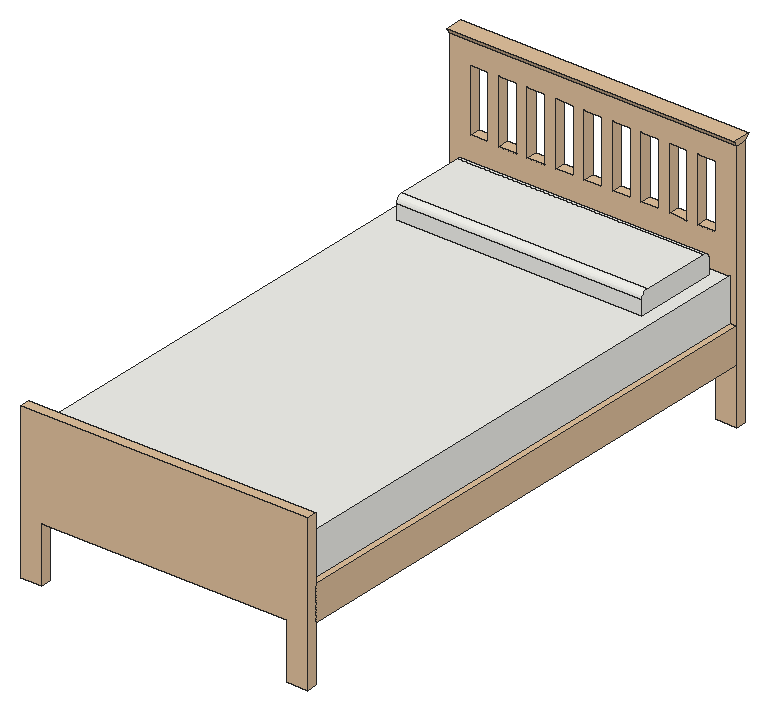
Revit family
Parameters (values of type "1040 x 1981mm - Twin")
  Material Frame = Wood - Birch
  Length = 1981.20 mm
  Material Mattress = Textile - White
  Width = 1041.40 mm
  Keynote = "N"
  Assembly Code = ""
Types (4, lengths in mm): name | Length | Width
  1422 x 1981mm - Double | 1981.20 | 1422.40
  1040 x 1981mm - Twin | 1981.20 | 1041.40
  1575 x 2108mm - Queen | 2108.20 | 1574.80
  1981 x 2108mm - King | 2108.20 | 1981.20
Reference planes
  plane 1 "Back": y = 0
  plane 2: z = 0
  plane 3 "Center (Left/Right)": x = -19.05
  plane 4: x = -539.75
  plane 5: x = 501.65
  plane 6 "Front": y = -1981.2
  plane 7: z = 914.4
  plane 8: z = 482.6
  plane 9: x = 463.55
Forms (mm)
  Extrusion 1, solid, material "Wood - Birch" <- "Material Frame"
    sketch origin (0, 0, 0) x (1, 0, 0) y (0, 0, 1)
      loop
        line (-539.537, 914.4) -> (-539.537, 0) -> (-463.55, 0) -> (-463.55, 203.2) -> (425.45, 203.2) -> (425.45, 0) -> (501.917, 0) -> (501.917, 914.4) -> (-539.537, 914.4)
      loop
        line (-463.55, 838.2) -> (-463.55, 609.6) -> (-398.639, 609.6) -> (-398.639, 838.2) -> (-463.55, 838.2)
      loop
        line (-360.539, 838.2) -> (-360.539, 609.6) -> (-295.628, 609.6) -> (-295.628, 838.2) -> (-360.539, 838.2)
      loop
        line (-257.528, 838.2) -> (-257.528, 609.6) -> (-192.617, 609.6) -> (-192.617, 838.2) -> (-257.528, 838.2)
      loop
        line (-154.517, 838.2) -> (-154.517, 609.6) -> (-89.606, 609.6) -> (-89.606, 838.2) -> (-154.517, 838.2)
      loop
        line (51.506, 838.2) -> (51.506, 609.6) -> (116.417, 609.6) -> (116.417, 838.2) -> (51.506, 838.2)
      loop
        line (154.517, 838.2) -> (154.517, 609.6) -> (219.428, 609.6) -> (219.428, 838.2) -> (154.517, 838.2)
      loop
        line (257.528, 838.2) -> (257.528, 609.6) -> (322.439, 609.6) -> (322.439, 838.2) -> (257.528, 838.2)
      loop
        line (360.539, 838.2) -> (360.539, 609.6) -> (425.45, 609.6) -> (425.45, 838.2) -> (360.539, 838.2)
      loop
        line (-51.506, 838.2) -> (-51.506, 609.6) -> (13.406, 609.6) -> (13.406, 838.2) -> (-51.506, 838.2)
    from 0 to 38.1
  Extrusion 2, solid, material "Wood - Birch" <- "Material Frame"
    sketch origin (0, -1981.2, 0) x (1, 0, 0) y (0, 0, 1)
      loop
        line (-539.75, 0) -> (-463.55, 0) -> (-463.55, 203.2) -> (425.45, 203.2) -> (425.45, 0) -> (501.65, 0) -> (501.65, 558.8) -> (-539.75, 558.8) -> (-539.75, 0)
    from 0 to -38.1
  Extrusion 3, solid, material "Wood - Birch" <- "Material Frame"
    sketch origin (0, 0, 0) x (0, -1, 0) y (0, 0, 1)
      loop
        line (38.1, 203.576) -> (1943.1, 203.576) -> (1943.1, 330.576) -> (38.1, 330.576) -> (38.1, 203.576)
    from 514.35 to 539.75
  Extrusion 4, solid, material "Wood - Birch" <- "Material Frame"
    sketch origin (501.65, 0, 0) x (0, -1, 0) y (0, 0, 1)
      loop
        line (1943.1, 203.099) -> (1943.1, 330.099) -> (38.1, 330.099) -> (38.1, 203.099) -> (1943.1, 203.099)
    from 0 to 25.4
  Extrusion 5, solid, material "Textile - White" <- "Material Mattress"
    sketch origin (0, 0, 0) x (1, 0, 0) y (0, 1, 0)
      loop
        line (-514.35, -38.1) -> (-514.35, -1943.1) -> (476.25, -1943.1) -> (476.25, -38.1) -> (-514.35, -38.1)
    from 228.6 to 482.6
  Extrusion 6, solid, material "Textile - White" <- "Material Mattress"
    sketch origin (-539.75, 0, 0) x (0, -1, 0) y (0, 0, 1)
      loop
        line (68.449, 482.6) -> (373.249, 482.6) -> (373.249, 533.4)
        arc (373.249, 533.4) -> (365.809, 551.361) -> (347.849, 558.8) r 25.4
        line (347.849, 558.8) -> (93.849, 558.8)
        arc (93.849, 558.8) -> (75.888, 551.361) -> (68.449, 533.4) r 25.4
        line (68.449, 533.4) -> (68.449, 482.6)
    from -965.2 to -76.2
  Sweep 7, solid, material "Wood - Birch" <- "Material Frame"
    path origin (0, 0, 0) x (1, 0, 0) y (0, 1, 0)
      loop
        line (-539.537, 0) -> (501.917, 0)
    profile origin (-18.81, 0, 0) x (0, 1, 0) y (0, 0, 1)
      loop
        line (0, 914.4) -> (13.855, 933.45) -> (-51.955, 933.45) -> (-38.1, 914.4) -> (0, 914.4)
Lines and regions (mm)
  Masking region 1
    outline origin (0, 0, 0) x (1, 0, 0) y (0, 1, 0)
      loop
        line (-539.537, 13.855) -> (-539.537, -1981.2) -> (501.65, -1981.2) -> (501.65, 13.855) -> (-539.537, 13.855)
  symbolic lines
    curve 1: line (501.65, -1981.2, 0) -> (-539.537, -1981.2, 0)
    curve 2: line (501.65, 0, 0) -> (501.65, -1981.2, 0)
    curve 3: line (-539.537, 0, 0) -> (501.65, 0, 0)
    curve 4: line (-539.537, -1981.2, 0) -> (-539.537, 0, 0)
    curve 5: line (501.65, -1943.1, 0) -> (-539.537, -1943.1, 0)
    curve 6: line (501.65, -51.955, 0) -> (-539.537, -51.955, 0)
    curve 7: line (425.45, -373.249, 0) -> (-463.55, -373.249, 0)
    curve 8: line (425.45, -68.449, 0) -> (425.45, -373.249, 0)
    curve 9: line (-463.55, -68.449, 0) -> (425.45, -68.449, 0)
    curve 10: line (-463.55, -373.249, 0) -> (-463.55, -68.449, 0)
Dimensions and locks
  equal spacing: plane 4, plane 3 "Center (Left/Right)", plane 5
  "Width": plane 4 to plane 5
  "Length": plane 6 "Front" to plane 1 "Back"
  locked: Extrusion 1 sketch curve to Extrusion 1 sketch curve at 75.987
  locked: Extrusion 1 sketch curve to Extrusion 1 sketch curve at 38.1  (x8)
  plane 2 to plane 7 = 914.40 mm
  Extrusion 1 to plane 1 "Back" = 38.10 mm
  locked: Extrusion 3 to plane 4 at 25.4  (x2)
  locked: plane 6 "Front" to Extrusion 3 sketch curve at 38.1
  locked: Extrusion 3 sketch curve to plane 1 "Back" at 38.1
  locked: plane 6 "Front" to Extrusion 4 sketch curve at 38.1
  locked: Extrusion 4 sketch curve to plane 1 "Back" at 38.1
  locked: Extrusion 4 to Extrusion 4 at 25.4
  locked: Extrusion 4 to plane 5 at 25.4
  locked: Extrusion 5 sketch curve to Extrusion 1 at 38.1
  locked: plane 6 "Front" to Extrusion 5 sketch curve at 38.1
  equal spacing: Extrusion 1 sketch curve, plane 3 "Center (Left/Right)", Extrusion 1 sketch curve
  equal spacing: plane 9, Extrusion 1 sketch curve, Extrusion 1 sketch curve, Extrusion 1 sketch curve, Extrusion 1 sketch curve, Extrusion 1 sketch curve, Extrusion 1 sketch curve, Extrusion 1 sketch curve, Extrusion 1 sketch curve, Extrusion 1 sketch curve
  locked: plane 9 to plane 5 at 38.1
  locked: plane 5 to Extrusion 1 sketch curve at 76.2
  aligned and locked: plane 7 to Extrusion 1 sketch curve
  aligned and locked: plane 4 to Extrusion 2 sketch curve
  aligned and locked: Extrusion 2 sketch curve to plane 5
  aligned and locked: plane 4 to Extrusion 3
  aligned and locked: Extrusion 1 to Extrusion 6
  aligned and locked: Extrusion 6 to Extrusion 1
  aligned and locked: Sweep 7 sketch curve to Extrusion 1  (x3)
  aligned and locked: Sweep 7 to Masking region 1 sketch curve
  aligned and locked: Masking region 1 sketch curve to Sweep 7
  aligned and locked: Masking region 1 sketch curve to Extrusion 2
  aligned and locked: Masking region 1 sketch curve to curve 2
Automatic sketch dimensions
  Extrusion 1 sketch curve to level = 0.00 mm  (x2)
  Extrusion 1 sketch curve to plane 4 = 76.20 mm
  plane 5 to Extrusion 1 sketch curve = 76.20 mm
  level to Extrusion 1 sketch curve = 203.20 mm
  level to Extrusion 1 sketch curve = 609.60 mm
  Extrusion 1 sketch curve to Extrusion 1 sketch curve = 0.00 mm  (x12)
  Extrusion 1 sketch curve to Extrusion 1 sketch curve = 304.80 mm  (x2)
  plane 7 to Extrusion 1 sketch curve = 76.20 mm  (x3)
  Extrusion 1 sketch curve to plane 5 = 0.267 mm
  Extrusion 2 sketch curve to level = 0.00 mm  (x2)
  Extrusion 2 sketch curve to plane 4 = 76.20 mm
  Extrusion 2 sketch curve to Extrusion 2 sketch curve = 76.20 mm
  level to Extrusion 2 sketch curve = 203.20 mm
  Extrusion 2 sketch curve to Extrusion 2 sketch curve = 355.60 mm
  level to Extrusion 3 sketch curve = 203.576 mm
  Extrusion 3 sketch curve to Extrusion 3 sketch curve = 127.00 mm
  level to Extrusion 4 sketch curve = 203.099 mm
  Extrusion 4 sketch curve to Extrusion 4 sketch curve = 127.00 mm
  Extrusion 5 sketch curve to plane 4 = 25.40 mm
  plane 5 to Extrusion 5 sketch curve = 25.40 mm
  Sweep 7 sketch curve to profile plane = 0.00 mm
  profile plane to Sweep 7 sketch curve = 38.10 mm
  Sweep 7 sketch curve to Sweep 7 sketch curve = 13.855 mm
  Sweep 7 sketch curve to profile plane = 13.855 mm
  level to Sweep 7 sketch curve = 914.40 mm
  Sweep 7 sketch curve to Sweep 7 sketch curve = 19.05 mm
  Extrusion 6 sketch curve to plane 8 = 0.00 mm
  plane 1 "Back" to Extrusion 6 sketch curve = 68.449 mm
  Extrusion 6 sketch curve to Extrusion 6 sketch curve = 25.40 mm  (x2)
  plane 8 to Extrusion 6 sketch curve = 50.80 mm
  Extrusion 6 sketch curve to Extrusion 6 sketch curve = 254.00 mm
  curve 1 to plane 6 "Front" = 0.00 mm
  curve 3 to plane 1 "Back" = 0.00 mm
  curve 2 to plane 5 = 0.00 mm
  plane 5 to curve 8 = 76.20 mm
  curve 7 to plane 4 = 76.20 mm
  curve 4 to plane 4 = 0.213 mm
  curve 5 to plane 6 "Front" = 38.10 mm
  plane 1 "Back" to curve 7 = 373.249 mm
  plane 1 "Back" to curve 9 = 68.449 mm
  curve 6 to curve 3 = 51.955 mm
